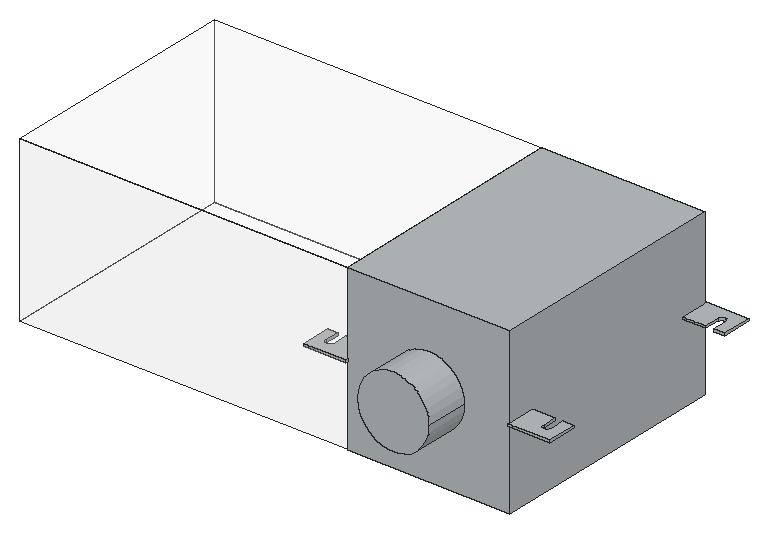
Revit family "bfs-20_60sldc2_50Hz", category 機械設備, Revit 2019
Family settings
  丸型コネクタ寸法 = 直径を使用
  パーツ タイプ = 割り込み
  OmniClass 番号 = 23.75.35.17.27
  OmniClass タイトル = Centrifugal Fans
  作業面ベース = いいえ
  常に垂直 = はい
  ロード時にボイドで切り取り = いいえ
  共有 = いいえ
  部屋計算ポイント = はい
Parameters (values of type "BFS-20SLDC2")
  騒音レベル(dB(A))_吸込 = 30.5
  騒音レベル(dB(A))_吐出 = 38
  騒音レベル(dB(A))_側面 = 22
  騒音レベル(dB(A)) = 38
  風量 [instance] = 設計風量  # 0.0 m³/h
  電源種別 [instance] = "一般"
  電圧 = 100 V
  電動機出力 = 15 W
  電動機_種別 [instance] = ""
  運転質量 = 0.00 kg
  連動 [instance] = ""
  質量 = if(製品質量 > 運転質量, 製品質量, 運転質量) * 1.2  # 7.20 kg
  負荷分類 = 3_ファン類
  説明 = "ストレートシロッコファン（２４時間換気機能付）"
  設計風量 [instance] = 0.0 m³/h
  設置方法 = "天吊"
  記号 [instance] = ""
  製造元 = "三菱電機株式会社"
  製品質量 = 6.00 kg
  製品出荷対象 = "国内"
  製品リリース年月 = "2022年6月1日"
  製品グループ = ""
  系統 [instance] = ""
  符号 [instance] = if(☑給気／□排気, "FS", "FE")  # "FE"
  積算_科目 = "2 換気設備"
  積算_拾い区分 [instance] = ""
  相 = 1
  盤記号 [instance] = ""
  盤工事区分 = "電気工事"
  発停方法 [instance] = "別売スイッチ"
  番手 = "#1"
  特殊仕様 [instance] = ""
  火災停止 = ""
  消費電力 = 17 W
  法定耐用年数 = "15"
  機外静圧 [instance] = 0.0 Pa
  極数 = 2
  極 = 8
  材質 [instance] = ""
  本体マテリアル = 溶融亜鉛めっき鋼板
  操作・制御方式 = ""
  操作・制御スイッチ = ""
  排気量 [instance] = if(☑給気／□排気, 0.0 m³/h, 設計風量)  # 0.0 m³/h
  形式 = ""
  形名 = BFS-SLDC : BFS-20SLDC
  幹線記号 [instance] = ""
  対象室 [instance] = ""
  実風量 = 0.0 m³/h
  始動方式 [instance] = "直入"
  外気量 [instance] = if(☑給気／□排気, 設計風量, 0.0 m³/h)  # 0.0 m³/h
  呼称 = "消音ボックス付送風機"
  周波数 = 50 Hz
  天吊金具ピッチ幅 = 299 mm
  天吊金具ピッチ奥行 = 300 mm
  参照している仕様書等のバージョン = ""
  分類コード = "50052502100020"
  分類グループ = ""
  価格 = 81000
  企業コード = "108420"
  付属品_防振装置 = ""
  付属品 [instance] = ""
  仕様書バージョン = "Version1.0"
  モデル = "BFS-20SLDC2"
  ファンの種類 = "多翼形"
  ダクト径 = 100 mm
  サービススペース = yes
  コメント [instance] = ""
  Keynote = ""
  ☑給気／□排気 [instance] = no
  Width = 223 mm
  Version = ""
  Uniclass2015Version = "Systems v1.9"
  Uniclass2015Title = "Centrifugal fans"
  Uniclass2015Code = "Pr_65_67_29_12"
  URL = "https://www.mitsubishielectric.co.jp/ldg/wink/ssl/displayProduct.do?pid=319033"
  SpecificationReference = ""
  SpecificationDescription = ""
  Revision = ""
  ProductInformation = ""
  OmniClassCode = "23-33 31 19 13 15"
  MIN風量 = 100.0 m³/h
  MIN静圧 = 12.5 Pa
  MID風量 = 0.0 m³/h
  MID静圧 = 0.0 Pa
  MAX風量 = 200.0 m³/h
  MAX静圧 = 50.0 Pa
  M = 60 mm
  IfcTypeProduct = ""
  IfcProduct = ""
  IfcExportType = "CENTRIFUGALFORWARDCURVED"
  IfcExportAs = "IfcFanType"
  Height = 225 mm
  Depth = 335 mm
  Clearance Top = 0 mm  # constant formula
  Clearance Right = 0 mm  # constant formula
  Clearance Left = 450 mm  # constant formula
  Clearance Front = 0 mm  # constant formula
  Clearance Bottom = 0 mm  # constant formula
  Clearance Back = 0 mm  # constant formula
  Author = "三菱電機株式会社"
Types (3, lengths in mm): name | 騒音レベル(dB(A))_吸込 | 騒音レベル(dB(A))_吐出 | 騒音レベル(dB(A))_側面 | 騒音レベル(dB(A)) | 電動機出力 | 質量 | 製品質量 | 番手 | 消費電力 | 極 | 形名 | 天吊金具ピッチ幅 | 天吊金具ピッチ奥行 | 価格 | モデル | ダクト径 | Width | URL | MIN風量 | MIN静圧 | MAX風量 | MAX静圧 | M | Height | Depth
  BFS-20SLDC2 | 30.5 | 38 | 22 | 38 | 15 W | 7.20 kg | 6.00 kg | "#1" | 17 W | 8 | BFS-SLDC : BFS-20SLDC | 299 | 300 | 81000 | "BFS-20SLDC2" | 100 | 223 | "https://www.mitsubishielectric.co.jp/ldg/wink/ssl/displayProduct.do?pid=319033" | 100.0 m³/h | 12.5 Pa | 200.0 m³/h | 50.0 Pa | 60 | 225 | 335
  BFS-40SLDC2 | 34.5 | 44 | 24 | 44 | 35 W | 10.80 kg | 9.00 kg | "#1 1/4" | 38 W | 8 | BFS-SLDC : BFS-40SLDC | 381 | 353 | 115000 | "BFS-40SLDC2" | 150 | 305 | "https://www.mitsubishielectric.co.jp/ldg/wink/ssl/displayProduct.do?pid=319103" | 160.0 m³/h | 11.0 Pa | 400.0 m³/h | 69.0 Pa | 70 | 255 | 388
  BFS-60SLDC2 | 34 | 47 | 23 | 47 | 50 W | 15.60 kg | 13.00 kg | "#1 1/4" | 60 W | 10 | BFS-SLDC : BFS-60SLDC | 449 | 453 | 169000 | "BFS-60SLDC2" | 200 | 373 | "https://www.mitsubishielectric.co.jp/ldg/wink/ssl/displayProduct.do?pid=319119" | 240.0 m³/h | 19.0 Pa | 600.0 m³/h | 120.0 Pa | 85 | 305 | 488
Reference planes
  plane 1 "中心(正面/背面)": y = 0
  plane 2: z = 0
  plane 3 "中心(左/右)": x = 0
  plane 4 "左": x = -111.5
  plane 5 "右": x = 111.5
  plane 6 "背面": y = 167.5
  plane 7 "正面": y = -167.5
  plane 8: z = 112.5
  plane 9: y = 150
  plane 10: y = -150
  plane 11: x = 149.5
  plane 12: x = -149.5
  plane 13: z = -112.5
  plane 14: z = 112.5
  plane 15: z = -112.5
  plane 16: y = 167.5
  plane 17: y = -167.5
  plane 18: x = 111.5
  plane 19: x = -561.5
Lines and regions (mm)
  Masking region 1, detail levels coarse+medium
    outline origin (-320.025, -524.613, 0) x (1, 0, 0) y (0, 1, 0)
      loop
        line (208.525, 357.113) -> (431.525, 357.113) -> (431.525, 692.113) -> (208.525, 692.113) -> (208.525, 357.113)
  symbolic lines, detail levels coarse+medium
    curve 1: line (-111.5, 167.5, 0) -> (111.5, 0, 0)
    curve 2: line (111.5, 0, 0) -> (-111.5, -167.5, 0)
Dimensions and locks
  "Width": plane 4 "左" to plane 5 "右"
  equal spacing: plane 7 "正面", plane 1 "中心(正面/背面)", plane 6 "背面"
  "Depth": plane 7 "正面" to plane 6 "背面"
  equal spacing: plane 8, level, plane 13
  "Height": plane 8 to plane 13
  "Clearance Top": plane 14 to plane 8
  "Clearance Bottom": plane 13 to plane 15
  "Clearance Back": plane 6 "背面" to plane 16
  "Clearance Front": plane 17 to plane 7 "正面"
  "Clearance Left": plane 19 to plane 4 "左"
  "Clearance Right": plane 5 "右" to plane 18
  equal spacing: plane 12, plane 3 "中心(左/右)", plane 11
  "天吊金具ピッチ幅": plane 12 to plane 11
  equal spacing: plane 4 "左", plane 3 "中心(左/右)", plane 5 "右"
  equal spacing: plane 10, plane 1 "中心(正面/背面)", plane 9
  "天吊金具ピッチ奥行": plane 10 to plane 9
  aligned and locked: level to plane 2
  aligned and locked: nested 2 to plane 9
  aligned and locked: plane 10 to nested 2
  aligned and locked: plane 12 to nested 2
  aligned and locked: plane 11 to nested 2
  aligned and locked: plane 8 to nested 1
  aligned and locked: nested 1 to plane 13
  aligned and locked: plane 19 to nested 3
  aligned and locked: plane 17 to nested 3
  aligned and locked: plane 14 to nested 3
  aligned and locked: plane 15 to nested 3
  aligned and locked: plane 1 "中心(正面/背面)" to nested 1
  aligned and locked: nested 1 to plane 3 "中心(左/右)"
  aligned and locked: plane 16 to nested 3
  aligned and locked: plane 4 "左" to nested 3
  aligned and locked: plane 5 "右" to Masking region 1
  aligned and locked: Masking region 1 to plane 4 "左"
  aligned and locked: Masking region 1 to plane 6 "背面"
  aligned and locked: plane 7 "正面" to Masking region 1
Automatic sketch dimensions
  Masking region 1 sketch curve to plane 6 "背面" = 0 mm
  plane 12 to Masking region 1 sketch curve = 38 mm
  Masking region 1 sketch curve to plane 5 "右" = 0 mm
  plane 7 "正面" to Masking region 1 sketch curve = 0 mm
  curve 2 to plane 4 "左" = 0 mm
  curve 1 to plane 4 "左" = 0 mm
  curve 2 to plane 5 "右" = 0 mm
  plane 1 "中心(正面/背面)" to curve 1 = 0 mm
  plane 7 "正面" to curve 2 = 0 mm
  plane 6 "背面" to curve 1 = 0 mm
Nested families
  nested 1: "BFS-SLDC" at (0, 0, -112.5) x (0, -1, 0) z (0, 0, 1), type <- "形名", type "BFS-20SLDC"
  nested 2: "固定点" at (-149.5, -150, 0), type "固定点"
    with W 299 mm, D 300 mm
  nested 3: "サービススペース" at (-336.5, 0, 0), visible <- "サービススペース", type "サービススペース"
    with Width 450 mm, Height 225 mm, Depth 335 mm
Connectors
  hvac at (0, -227.5, 0), driven by "ダクト径", driven by "機外静圧", driven by "風量"
    settings: on nested 1, index 2, duct flow 0.0 m³/h, flow factor 0, pres drop 0.0 Pa, loss coef 0, conn angle 0.00°, conn width 304.8 mm, conn height 304.8 mm, conn diameter 100 mm, duct sys type 29, conn prof type 0, flow config 0, flow direction 2, loss method 4, conn ref index -1, conn util no, is conn primary yes, conn desc "Out"
  hvac at (0, 227.5, 0), driven by "ダクト径", driven by "機外静圧", driven by "風量"
    settings: on nested 1, index 3, duct flow 0.0 m³/h, flow factor 0, pres drop 0.0 Pa, loss coef 0, conn angle 0.00°, conn width 304.8 mm, conn height 304.8 mm, conn diameter 100 mm, duct sys type 29, conn prof type 0, flow config 0, flow direction 1, loss method 4, conn ref index -1, conn util no, is conn primary no, conn desc "In"
  electrical at (-132.1, -48.05, -20.1), driven by "極数", driven by "負荷分類", driven by "電圧", driven by "消費電力"
    settings: on nested 1, index 4, voltage 100 V, apparent load 17 VA, apparent load phase1 0 VA, apparent load phase2 0 VA, apparent load phase3 0 VA, power factor 1, load classification "3_ファン類", number of poles 2, system type 30, power factor state 1, is connector primary yes, connector utility no, sub classification motor no, connector description ""
Definition of nested family "BFS-SLDC"
  Parameters (values of type "BFS-20SLDC")
    端子カバー高 = 99 mm  # constant formula
    端子カバー手前位置 = 53.7 mm
    端子カバー幅 = 20.6 mm  # constant formula
    端子カバー奥行 = 131.5 mm  # constant formula
    端子カバー上位置 = 83.1 mm
    天吊金具ピッチ幅 = 300 mm
    天吊金具ピッチ奥行 = 299 mm
    マテリアル = none
    φ = 98 mm
    b = 234 mm
    a = 60 mm
    W = 335 mm
    H = 225 mm
    D = 223 mm
  Types (3, lengths in mm): name | 端子カバー手前位置 | 端子カバー上位置 | 天吊金具ピッチ幅 | 天吊金具ピッチ奥行 | φ | b | a | W | H | D
    BFS-20SLDC | 53.7 | 83.1 | 300 | 299 | 98 | 234 | 60 | 335 | 225 | 223
    BFS-60SLDC | 63.9 | 139.9 | 453 | 449 | 192 | 391 | 85 | 488 | 305 | 373
    BFS-40SLDC | 62.3 | 106.7 | 353 | 381 | 142 | 291 | 70 | 388 | 255 | 305
  Reference planes
    plane 1 "中心(正面/背面)": y = 0
    plane 2: z = 0
    plane 3 "中心(左/右)": x = 0
    plane 4: y = 111.5
    plane 5: y = 149.5
    plane 6: y = 169.5
    plane 7: y = -111.5
    plane 8: y = -149.5
    plane 9: y = -169.5
    plane 10: x = -167.5
    plane 11: x = -150
    plane 12: x = -170.5
    plane 13: x = 167.5
    plane 14: x = 150
    plane 15: x = 170.5
    plane 16: z = 225
    plane 17: z = 600
    plane 18: z = 900
    plane 19: z = 1200
    plane 20: x = -120.2
    plane 21: x = 113.8
    plane 22: x = 227.5
    plane 23: x = -227.5
    plane 24: z = 112.5
    plane 25: z = 109.5
    plane 26: z = 71.5
    plane 27: x = -129.5
    plane 28: z = 94.5
    plane 29: x = 129.5
    plane 30: y = 114.5
    plane 31: x = -17.7
    plane 32: z = 141.9
    plane 33: z = 42.9
    plane 34: y = -132.1
  Forms (mm)
    Extrusion 1, solid, material <- "マテリアル", detail levels fine
      sketch origin (0, 0, 0) x (1, 0, 0) y (0, 1, 0)
        loop
          line (-167.5, 111.5) -> (-167.5, -111.5) -> (167.5, -111.5) -> (167.5, 111.5) -> (-167.5, 111.5)
      from 0 to 225
    Extrusion 2, solid, material <- "マテリアル", detail levels fine
      sketch origin (0, 0, 0) x (1, 0, 0) y (0, 1, 0)
        loop
          line (-170.5, -111.5) -> (-170.5, -169.5) -> (-129.5, -169.5) -> (-129.5, -155) -> (-150, -155)
          arc (-150, -155) -> (-155.5, -149.5) -> (-150, -144) r 5.5
          line (-150, -144) -> (-129.5, -144) -> (-129.5, -111.5) -> (-170.5, -111.5)
      from 109.5 to 112.5
    Extrusion 3, solid, material <- "マテリアル", detail levels fine
      sketch origin (0, 0, 0) x (1, 0, 0) y (0, 1, 0)
        loop
          line (-170.5, 111.5) -> (-129.5, 111.5) -> (-129.5, 144) -> (-150, 144)
          arc (-150, 144) -> (-155.5, 149.5) -> (-150, 155) r 5.5
          line (-150, 155) -> (-129.5, 155) -> (-129.5, 169.5) -> (-170.5, 169.5) -> (-170.5, 111.5)
      from 109.5 to 112.5
    Extrusion 4, solid, material <- "マテリアル", detail levels fine
      sketch origin (0, 0, 0) x (-1, 0, 0) y (0, -1, 0)
        loop
          line (-170.5, -111.5) -> (-170.5, -169.5) -> (-129.5, -169.5) -> (-129.5, -155) -> (-150, -155)
          arc (-150, -155) -> (-155.5, -149.5) -> (-150, -144) r 5.5
          line (-150, -144) -> (-129.5, -144) -> (-129.5, -111.5) -> (-170.5, -111.5)
      from 109.5 to 112.5
    Extrusion 5, solid, material <- "マテリアル", detail levels fine
      sketch origin (0, 0, 0) x (-1, 0, 0) y (0, -1, 0)
        loop
          line (-170.5, 111.5) -> (-129.5, 111.5) -> (-129.5, 144) -> (-150, 144)
          arc (-150, 144) -> (-155.5, 149.5) -> (-150, 155) r 5.5
          line (-150, 155) -> (-129.5, 155) -> (-129.5, 169.5) -> (-170.5, 169.5) -> (-170.5, 111.5)
      from 109.5 to 112.5
    Extrusion 6, solid, material <- "マテリアル", detail levels fine
      sketch origin (0, 0, 0) x (0, 1, 0) y (0, 0, 1)
        loop
          circle (0, 112.5) r 49
      from -167.5 to -227.5
    Extrusion 7, solid, material <- "マテリアル", detail levels fine
      sketch origin (0, 0, 0) x (0, 1, 0) y (0, 0, -1)
        loop
          circle (0, -112.5) r 49
      from -167.5 to -227.5
    Extrusion 8, solid, material <- "マテリアル", detail levels fine
      sketch origin (0, 0, 0) x (1, 0, 0) y (0, 0, 1)
        loop
          line (113.8, 141.9) -> (-17.7, 141.9) -> (-17.7, 42.9) -> (113.8, 42.9) -> (113.8, 141.9)
      from 111.5 to 132.1
  Dimensions and locks
    plane 12 to plane 15 = 341 mm
    "天吊金具ピッチ幅": plane 11 to plane 14
    "W": plane 10 to plane 13
    plane 9 to plane 6 = 339 mm
    "天吊金具ピッチ奥行": plane 8 to plane 5
    "D": plane 7 to plane 4
    equal spacing: plane 7, plane 1 "中心(正面/背面)", plane 4
    equal spacing: plane 10, plane 3 "中心(左/右)", plane 13
    "H": plane 16 to level
    locked: plane 5 to plane 6 at 20
    locked: plane 9 to plane 8 at 20
    locked: plane 13 to plane 15 at 3
    locked: plane 12 to plane 10 at 3
    equal spacing: plane 16, plane 24, level
    locked: plane 24 to plane 25 at 3
    locked: plane 24 to plane 26 at 41
    locked: plane 12 to plane 27 at 41
    locked: plane 25 to plane 28 at 15
    locked: plane 29 to plane 15 at 41
    locked: plane 30 to plane 4 at 3
    "a": plane 23 to plane 10
    "a": plane 13 to plane 22
    "端子カバー手前位置": plane 13 to plane 21
    "b": plane 21 to plane 20
    "端子カバー奥行": plane 21 to plane 31
    "端子カバー高": plane 32 to plane 33
    "端子カバー幅": plane 34 to plane 7
    equal spacing: plane 8, plane 1 "中心(正面/背面)", plane 5
    equal spacing: plane 11, plane 3 "中心(左/右)", plane 14
    "端子カバー上位置": plane 16 to plane 32
    "φ": diameter of Extrusion 6 sketch curve
    "φ": diameter of Extrusion 7 sketch curve
    aligned and locked: level to plane 2
    aligned and locked: plane 4 to Extrusion 1 sketch curve
    aligned and locked: plane 10 to Extrusion 1 sketch curve
    aligned and locked: Extrusion 1 sketch curve to plane 7
    aligned and locked: Extrusion 1 sketch curve to plane 13
    aligned and locked: plane 16 to Extrusion 1
    aligned and locked: plane 7 to Extrusion 2 sketch curve
    aligned and locked: plane 12 to Extrusion 2 sketch curve
    aligned and locked: Extrusion 2 sketch curve to plane 9
    aligned and locked: Extrusion 2 sketch curve to plane 27  (x2)
    aligned and locked: plane 11 to Extrusion 2 sketch curve
    aligned and locked: plane 8 to Extrusion 2 sketch curve
    aligned and locked: plane 24 to Extrusion 2
    aligned and locked: Extrusion 2 to plane 25
    aligned and locked: plane 27 to Extrusion 3 sketch curve  (x2)
    aligned and locked: plane 5 to Extrusion 3 sketch curve
    aligned and locked: plane 11 to Extrusion 3 sketch curve
    aligned and locked: Extrusion 3 sketch curve to plane 6
    aligned and locked: Extrusion 3 sketch curve to plane 12
    aligned and locked: plane 4 to Extrusion 3 sketch curve
    aligned and locked: plane 24 to Extrusion 3
    aligned and locked: Extrusion 3 to plane 25
    aligned and locked: Extrusion 4 to plane 6
    aligned and locked: plane 15 to Extrusion 4
    aligned and locked: Extrusion 4 to plane 29
    aligned and locked: plane 29 to Extrusion 4 sketch curve  (x2)
    aligned and locked: plane 6 to Extrusion 4 sketch curve
    aligned and locked: Extrusion 4 sketch curve to plane 15
    aligned and locked: plane 5 to Extrusion 4 sketch curve
    aligned and locked: plane 14 to Extrusion 4 sketch curve
    aligned and locked: Extrusion 4 sketch curve to plane 4
    aligned and locked: Extrusion 4 to plane 25
    aligned and locked: plane 24 to Extrusion 4
    aligned and locked: plane 9 to Extrusion 5 sketch curve
    aligned and locked: plane 15 to Extrusion 5 sketch curve
    aligned and locked: Extrusion 5 sketch curve to plane 7
    aligned and locked: Extrusion 5 sketch curve to plane 29  (x2)
    aligned and locked: plane 14 to Extrusion 5 sketch curve
    aligned and locked: plane 8 to Extrusion 5 sketch curve
    aligned and locked: Extrusion 5 to plane 25
    aligned and locked: plane 24 to Extrusion 5
    aligned and locked: plane 1 "中心(正面/背面)" to Extrusion 6 sketch curve
    aligned and locked: plane 24 to Extrusion 6 sketch curve
    aligned and locked: plane 24 to Extrusion 7 sketch curve
    aligned and locked: plane 1 "中心(正面/背面)" to Extrusion 7 sketch curve
    aligned and locked: plane 22 to Extrusion 7
    aligned and locked: plane 32 to Extrusion 8 sketch curve
    aligned and locked: plane 21 to Extrusion 8 sketch curve
    aligned and locked: Extrusion 8 sketch curve to plane 33
    aligned and locked: Extrusion 8 sketch curve to plane 31
    aligned and locked: Extrusion 8 to plane 7
    aligned and locked: Extrusion 7 to plane 13
    aligned and locked: plane 34 to Extrusion 8
    aligned and locked: plane 23 to Extrusion 6
    aligned and locked: plane 10 to Extrusion 6
  Automatic sketch dimensions
    Extrusion 2 sketch curve to plane 11 = 0 mm
    plane 8 to Extrusion 2 sketch curve = 5.5 mm
    Extrusion 3 sketch curve to plane 11 = 0 mm
    plane 5 to Extrusion 3 sketch curve = 5.5 mm
    Extrusion 4 sketch curve to plane 14 = 0 mm
    Extrusion 4 sketch curve to plane 5 = 5.5 mm
    Extrusion 5 sketch curve to plane 14 = 0 mm
    Extrusion 5 sketch curve to plane 8 = 5.5 mm
Definition of nested family "サービススペース"
  Parameters (values of type "サービススペース")
    Width [instance] = 500 mm
    Height [instance] = 500 mm
    Depth [instance] = 500 mm
  Reference planes
    plane 1 "中心(正面/背面)": y = 0
    plane 2: z = 0
    plane 3 "中心(左/右)": x = 0
    plane 4: y = -250
    plane 5: x = 250
    plane 6: y = 250
    plane 7: x = -250
    plane 8: z = 250
    plane 9: z = -250
  Forms (mm)
    Extrusion 1, solid
      sketch origin (-638.939, 0, 72.39) x (1, 0, 0) y (0, 1, 0)
        loop
          line (388.939, 250) -> (388.939, -250) -> (888.939, -250) -> (888.939, 250) -> (388.939, 250)
      from -322.39 to 177.61
  Lines and regions (mm)
    symbolic lines
      curve 1: line (-250, 0, 250) -> (250, 0, 250)
      curve 2: line (-250, 0, -250) -> (-250, 0, 250)
      curve 3: line (250, 0, -250) -> (-250, 0, -250)
      curve 4: line (250, 0, 250) -> (250, 0, -250)
      curve 5: line (0, -250, 250) -> (0, 250, 250)
      curve 6: line (0, -250, -250) -> (0, -250, 250)
      curve 7: line (0, 250, -250) -> (0, -250, -250)
      curve 8: line (0, 250, 250) -> (0, 250, -250)
      curve 9: line (-250, 250, 0) -> (250, 250, 0)
      curve 10: line (-250, -250, 0) -> (-250, 250, 0)
      curve 11: line (250, -250, 0) -> (-250, -250, 0)
      curve 12: line (250, 250, 0) -> (250, -250, 0)
  Dimensions and locks
    equal spacing: plane 7, plane 3 "中心(左/右)", plane 5
    equal spacing: plane 4, plane 1 "中心(正面/背面)", plane 6
    "Depth": plane 4 to plane 6
    "Width": plane 7 to plane 5
    equal spacing: plane 8, plane 2, plane 9
    "Height": plane 8 to plane 9
    aligned and locked: plane 9 to curve 3
    aligned and locked: plane 7 to curve 2
    aligned and locked: curve 4 to plane 5
    aligned and locked: plane 5 to Extrusion 1
    aligned and locked: Extrusion 1 to plane 7
    aligned and locked: Extrusion 1 to plane 9
    aligned and locked: plane 8 to Extrusion 1
    aligned and locked: plane 9 to curve 7
  Automatic sketch dimensions
    plane 4 to Extrusion 1 sketch curve = 0 mm
    Extrusion 1 sketch curve to plane 7 = 0 mm
    Extrusion 1 sketch curve to plane 5 = 0 mm
    plane 6 to Extrusion 1 sketch curve = 0 mm
    curve 2 to plane 8 = 0 mm
    plane 4 to curve 11 = 0 mm
    curve 11 to plane 7 = 0 mm
    curve 11 to plane 5 = 0 mm
    plane 6 to curve 10 = 0 mm
    curve 7 to plane 4 = 0 mm
    curve 7 to plane 6 = 0 mm
    curve 6 to plane 8 = 0 mm
Definition of nested family "固定点"
  Parameters (values of type "固定点")
    中心円 = 11 mm
    W [instance] = 1000 mm
    D [instance] = 1000 mm
  Reference planes
    plane 1 "中心(正面/背面)": y = 0
    plane 2: z = 0
    plane 3 "中心(左/右)": x = 0
    plane 4: x = 1000
    plane 5: y = 1000
  Lines and regions (mm)
    symbolic lines, detail levels fine
      curve 1: circle (0, 1000, 0) r 5.5 normal (0, 0, 1)
      curve 2: circle (0, 0, 0) r 5.5 normal (0, 0, 1)
      curve 3: circle (1000, 1000, 0) r 5.5 normal (0, 0, 1)
      curve 4: circle (1000, 0, 0) r 5.5 normal (0, 0, 1)
      curve 5: line (-200, 1000, 0) -> (1200, 1000, 0)
      curve 6: line (-200, 0, 0) -> (1200, 0, 0)
      curve 7: line (0, 1200, 0) -> (0, -200, 0)
      curve 8: line (1000, 1200, 0) -> (1000, -200, 0)
  Dimensions and locks
    "W": plane 3 "中心(左/右)" to plane 4
    "D": plane 1 "中心(正面/背面)" to plane 5
    "中心円": diameter of curve 1
    "中心円": diameter of curve 2
    "中心円": diameter of curve 3
    "中心円": diameter of curve 4
    aligned and locked: level to plane 2
    aligned and locked: plane 5 to curve 1
    aligned and locked: plane 3 "中心(左/右)" to curve 1
    aligned and locked: plane 3 "中心(左/右)" to curve 2
    aligned and locked: plane 1 "中心(正面/背面)" to curve 2
    aligned and locked: plane 4 to curve 3
    aligned and locked: plane 5 to curve 3
    aligned and locked: plane 1 "中心(正面/背面)" to curve 4
    aligned and locked: plane 4 to curve 4
    aligned and locked: plane 1 "中心(正面/背面)" to curve 6
    aligned and locked: curve 7 to plane 3 "中心(左/右)"
    aligned and locked: curve 8 to plane 4
  Automatic sketch dimensions
    curve 5 to plane 5 = 0 mm
    curve 6 to plane 3 "中心(左/右)" = 200 mm
    curve 5 to plane 3 "中心(左/右)" = 200 mm
    curve 4 to curve 6 = 200 mm
    curve 3 to curve 5 = 200 mm
    plane 1 "中心(正面/背面)" to curve 8 = 200 mm
    plane 1 "中心(正面/背面)" to curve 7 = 200 mm
    curve 3 to curve 8 = 200 mm
    curve 1 to curve 7 = 200 mm
